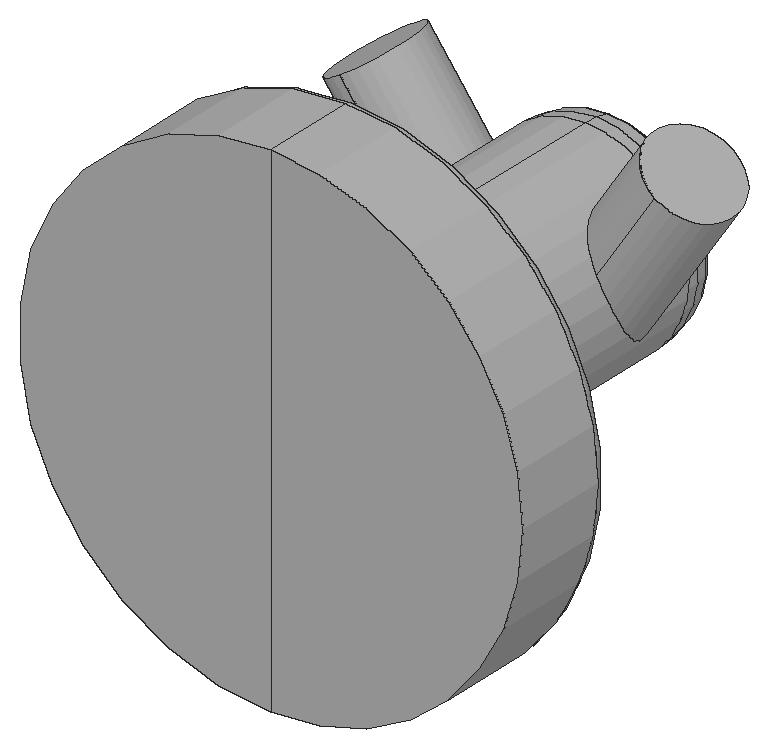
Revit family "TO6100001_Kit por 6 Accesorios Torino (Percha)", category Plumbing Fixtures, Revit 2019
Family settings
  Round Connector Dimension = Use Diameter
  Part Type = Normal
  OmniClass Number = 23.19.25.13.21.17
  OmniClass Title = Fittings
  Work Plane-Based = No
  Always vertical = Yes
  Cut with Voids When Loaded = No
  Shared = No
  Room Calculation Point = No
Parameters
  Uso = "Residencial"  # constant formula
  URL = "https://corona.co/productos/accesorios/kit-por-6-accesorios-torino/p/TO6100001"
  Resistencia = "Resistente a la corrosión pelado y decoloración por agua, Resistencia al peso general hasta 9 kg, Resistencia al peso del toallero barra hasta 23 kg"  # constant formula
  Número de piezas = "6"  # constant formula
  Materiales = "Cromado"  # constant formula
  Material = Corona_Cromo
  Línea = "Torino"  # constant formula
  Garantías de otros componentes = "2 años en acabados"  # constant formula
  Garantía = "30 años en estructura"  # constant formula
  Fecha de creación = "19/08/2020"  # constant formula
  Description = "Accesorios con un diseño robusto y funcional que le ofrecerán a tu baño lo que necesitaba."  # constant formula
  Creado por = "IDD"  # constant formula
  Componentes = "Percha, Toallero, Jabonera, Barra, Cepillera, Portarrollo"  # constant formula
  Colección = "Gama Media 2010"  # constant formula
  Acabado = "Cromado"  # constant formula
Reference planes
  plane 1 "Center (Front/Back)": y = 0
  plane 2: z = 0
  plane 3 "Center (Left/Right)": x = 0
Forms (mm)
  Revolve 1, solid, material "Corona_Cromo" <- "Material", detail levels medium+fine
    sketch origin (0, 219.762, 18.681) x (0, 1, 0) y (0, 0, 1)
      loop
        line (-219.762, 0) -> (-188.054, 0) -> (-188.054, 6.599)
        arc (-188.054, 6.599) -> (-188.21, 7.094) -> (-188.621, 7.409) r 0.862
        line (-188.621, 7.409) -> (-189.563, 7.592)
        arc (-189.563, 7.592) -> (-190.075, 7.666) -> (-190.591, 7.691) r 5.388
        line (-190.591, 7.691) -> (-212.028, 7.691) -> (-212.028, 17.95)
        arc (-212.028, 17.95) -> (-212.242, 18.467) -> (-212.759, 18.681) r 0.731
        line (-212.759, 18.681) -> (-219.762, 18.681) -> (-219.762, 0)
      axis (-219.762, 0) -> (-188.054, 0)
    angle from 0 to 360
  Extrusion 2, solid, material "Corona_Cromo" <- "Material", detail levels medium+fine
    sketch origin (-192.423, 635.892, 208.477) x (0.031471, 0.998415, 0.046658) y (0.829038, 0, -0.559193)
      loop
        circle (-612.387, 269.587) r 3.445
    from 0 to 15.148
  Extrusion 3, solid, material "Corona_Cromo" <- "Material", detail levels medium+fine
    sketch origin (192.423, 635.892, 208.477) x (-0.031471, 0.998415, 0.046658) y (0.829038, 0, 0.559193)
      loop
        circle (-612.387, -269.587) r 3.445
    from 0 to 15.148
  Extrusion 4, solid, material "Corona_Cromo" <- "Material", detail levels coarse
    sketch origin (0, 0, 0) x (1, 0, 0) y (0, 1, 0)
      loop
        line (-18.681, 0) -> (18.683, 0) -> (18.683, 31.708) -> (-18.681, 31.708) -> (-18.681, 0)
    from 0 to 37.645
Dimensions and locks
  aligned and locked: level to plane 2
